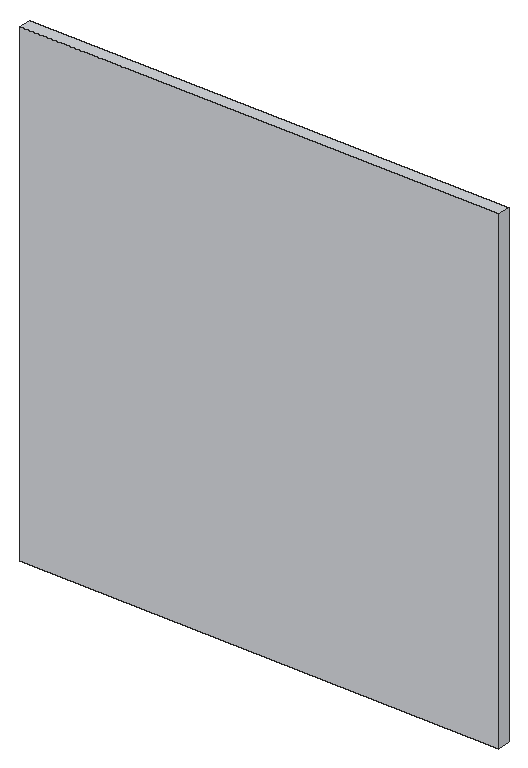
Revit family
Parameters
  Sign Thickness = 2 mm
  Height = 1500 mm
Reference planes
  plane 1 "Center (Front/Back)": y = -198
  plane 2: z = 0
  plane 3 "Center (Left/Right)": x = 0
  plane 4: z = 1500
  plane 5: y = -196
Forms (mm)
  Extrusion 1, solid
    sketch origin (0, -198, 0) x (1, 0, 0) y (0, 0, 1)
      loop
        line (37.5, 1462.5) -> (37.5, 1537.5) -> (-37.5, 1537.5) -> (-37.5, 1462.5) -> (37.5, 1462.5)
    from 0 to -2
Lines and regions (mm)
  model lines, style "Signage"
    curve 1: line (0, -198, 1534.208) -> (-31.188, -198, 1471.832)
    curve 2: line (0, -198, 1527.5) -> (-26.334, -198, 1474.832)
    curve 3: line (26.334, -198, 1474.832) -> (0, -198, 1527.5)
    curve 4: line (31.188, -198, 1471.832) -> (0, -198, 1534.208)
    curve 5: line (-26.334, -198, 1474.832) -> (26.334, -198, 1474.832)
    curve 6: line (-31.188, -198, 1471.832) -> (31.188, -198, 1471.832)
    curve 7: line (-2.796, -198, 1477.81) -> (-4.843, -198, 1488.623)
    curve 8: line (-4.843, -198, 1488.623) -> (-2.207, -198, 1487.771)
    curve 9: line (-2.207, -198, 1487.771) -> (-0.749, -198, 1496.806)
    curve 10: line (-0.749, -198, 1496.806) -> (-10.984, -198, 1491.546)
    curve 11: line (-10.984, -198, 1491.546) -> (-3.088, -198, 1515.802)
    curve 12: line (-3.088, -198, 1515.802) -> (3.637, -198, 1513.756)
    curve 13: line (3.637, -198, 1513.756) -> (-3.381, -198, 1500.898)
    curve 14: line (-3.381, -198, 1500.898) -> (5.977, -198, 1502.359)
    curve 15: line (5.977, -198, 1502.359) -> (1.988, -198, 1486.415)
    curve 16: line (1.988, -198, 1486.415) -> (5.1, -198, 1485.409)
    curve 17: line (5.1, -198, 1485.409) -> (-2.796, -198, 1477.81)
  symbolic lines, style "2D Signage Placement Lines"
    curve 18: line (-150, -196, 0) -> (150, -196, 0)
    curve 19: line (0, -196, 0) -> (0, -346, 0)
Dimensions and locks
  "Height": plane 4 to level
  "Sign Thickness": plane 1 "Center (Front/Back)" to Extrusion 1
  aligned and locked: plane 1 "Center (Front/Back)" to Extrusion 1
  aligned and locked: plane 5 to Extrusion 1
Automatic sketch dimensions
  plane 4 to Extrusion 1 sketch curve = 37.5 mm
  Extrusion 1 sketch curve to plane 3 "Center (Left/Right)" = 37.5 mm
  plane 3 "Center (Left/Right)" to Extrusion 1 sketch curve = 37.5 mm
  Extrusion 1 sketch curve to plane 4 = 37.5 mm
  curve 1 to plane 3 "Center (Left/Right)" = 31.188 mm
  curve 1 to plane 4 = 34.208 mm
  curve 2 to plane 3 "Center (Left/Right)" = 0 mm
  curve 1 to curve 2 = 4.854 mm
  curve 2 to curve 1 = 6.708 mm
  plane 3 "Center (Left/Right)" to curve 3 = 26.334 mm
  plane 4 to curve 3 = 25.168 mm
  curve 4 to plane 3 "Center (Left/Right)" = 0 mm
  curve 3 to curve 4 = 4.854 mm
  curve 4 to curve 3 = 3 mm
  curve 7 to plane 3 "Center (Left/Right)" = 4.843 mm
  curve 7 to plane 3 "Center (Left/Right)" = 2.796 mm
  plane 4 to curve 7 = 22.19 mm
  curve 7 to curve 7 = 10.813 mm
  curve 8 to plane 3 "Center (Left/Right)" = 2.207 mm
  curve 8 to curve 7 = 0.852 mm
  curve 9 to plane 3 "Center (Left/Right)" = 0.749 mm
  plane 4 to curve 9 = 3.194 mm
  curve 10 to curve 7 = 6.141 mm
  curve 7 to curve 10 = 2.922 mm
  curve 11 to plane 3 "Center (Left/Right)" = 3.088 mm
  curve 11 to curve 2 = 11.698 mm
  plane 3 "Center (Left/Right)" to curve 12 = 3.637 mm
  curve 12 to curve 11 = 2.046 mm
  curve 13 to plane 3 "Center (Left/Right)" = 3.381 mm
  curve 14 to plane 4 = 0.898 mm
  plane 3 "Center (Left/Right)" to curve 14 = 5.977 mm
  plane 3 "Center (Left/Right)" to curve 15 = 1.988 mm
  curve 15 to plane 4 = 2.359 mm
  curve 15 to curve 8 = 1.357 mm
  curve 16 to curve 16 = 3.111 mm
  curve 16 to curve 15 = 1.006 mm
  curve 18 to plane 5 = 0 mm
  curve 19 to plane 3 "Center (Left/Right)" = 0 mm
  curve 18 to plane 3 "Center (Left/Right)" = 150 mm
  plane 3 "Center (Left/Right)" to curve 18 = 150 mm
  plane 1 "Center (Front/Back)" to curve 19 = 148 mm
